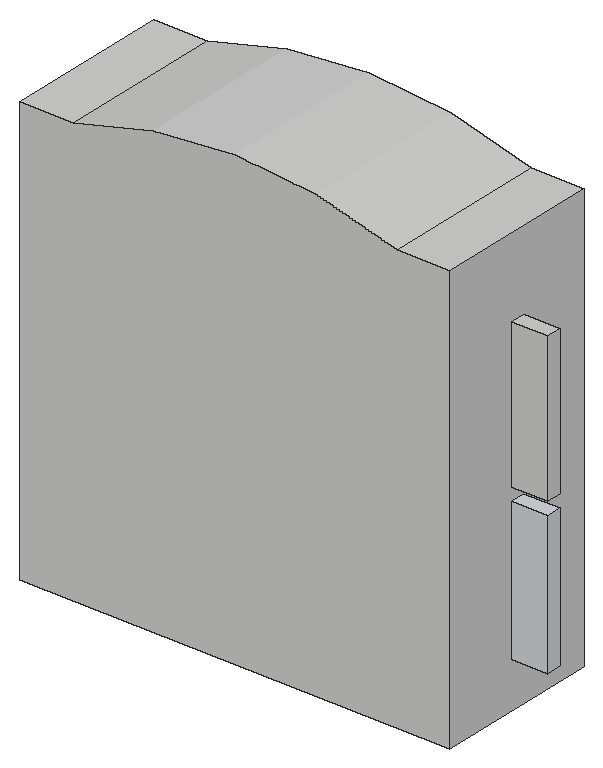
Revit family "PV Oberteil - Blitz -und Überspannungsableiter Typ 1+2_Typ 2", category Generic Models, Revit 2015
Parameters (values of type "V20-C 0-500PV")
  Width = 45.2 mm
  URL = "http://www.obo-bettermann.com"
  Material 2 = Steel
  Material = OBO PA 6 GF20 RAL 7035
  Manufacturer Art.No. = "5099708"
  Manufacturer = "OBO Bettermann"
  Length = 17.6 mm
  Height = 48 mm
  GTIN = "4012195708933"
  Article Type = "V20-C 0-500PV"
Types (5, lengths in mm): name | Material | Manufacturer Art.No. | GTIN | Article Type
  (no name) | OBO PA 6 GF20 RAL 7035 | "5099708" | "4012195708933" | "V20-C 0-500PV"
  V50-B+C 0-300PV | OBO PA 6 GF20 RAL 2003 | "5093726" | "4012195708841" | "V50-B+C 0-300PV"
  V25-B+C 0-450PV | OBO PA 6 GF20 RAL 2003 | "5097065" | "4012195708896" | "V25-B+C 0-450PV"
  V20-C 0-300PV | OBO PA 6 GF20 RAL 7035 | "5099611" | "4012195708902" | "V20-C 0-300PV"
  V20-C 0-500PV | OBO PA 6 GF20 RAL 7035 | "5099708" | "4012195708933" | "V20-C 0-500PV"
Reference planes
  plane 1 "Center (Front/Back)": y = 0
  plane 2: z = 0
  plane 3 "Center (Left/Right)": x = 0
  plane 4: z = 45
  plane 5: z = 48
  plane 6: y = 8.8
  plane 7: y = -8.8
  plane 8: x = 26.5
  plane 9: x = -26.5
Forms (mm)
  Extrusion 1, solid, material "OBO PA 6 GF20 RAL 7035" <- "Material"
    sketch origin (0, 0, 0) x (1, 0, 0) y (0, 0, 1)
      loop
        line (-22.6, 0) -> (22.6, 0) -> (22.6, 45) -> (17.075, 45)
        arc (17.075, 45) -> (0, 48) -> (-17.075, 45) r 50.093
        line (-17.075, 45) -> (-22.6, 45) -> (-22.6, 0)
    from -8.8 to 8.8
  Extrusion 2, solid, material "OBO PA 6 GF20 RAL 7035" <- "Material"
    sketch origin (0, 0, 0) x (0, 1, 0) y (0, 0, 1)
      loop
        line (0.8, 36.7) -> (-0.8, 36.7) -> (-0.8, 21.15) -> (0.8, 21.15) -> (0.8, 36.7)
    from 22.6 to 26.5
  Extrusion 3, solid
    sketch origin (0, 0, 0) x (0, 1, 0) y (0, 0, 1)
      loop
        line (0.8, 19.8) -> (-0.8, 19.8) -> (-0.8, 4.9) -> (0.8, 4.9) -> (0.8, 19.8)
    from 22.6 to 26.5
  Extrusion 4, solid, material "OBO PA 6 GF20 RAL 7035" <- "Material"
    sketch origin (0, 0, 0) x (0, 1, 0) y (0, 0, 1)
      loop
        line (0.8, 36.7) -> (-0.8, 36.7) -> (-0.8, 21.15) -> (0.8, 21.15) -> (0.8, 36.7)
    from -26.5 to -22.6
  Extrusion 5, solid
    sketch origin (0, 0, 0) x (0, 1, 0) y (0, 0, 1)
      loop
        line (0.8, 19.8) -> (-0.8, 19.8) -> (-0.8, 4.9) -> (0.8, 4.9) -> (0.8, 19.8)
    from -26.5 to -22.6
Dimensions and locks
  "Width": Extrusion 1 sketch curve to Extrusion 1 sketch curve
  equal spacing: Extrusion 1 sketch curve, plane 3 "Center (Left/Right)", Extrusion 1 sketch curve
  "Height": plane 5 to level
  locked: plane 5 to plane 4 at 3
  locked: Extrusion 1 sketch curve to Extrusion 1 sketch curve at 34.15
  equal spacing: Extrusion 1 sketch curve, plane 3 "Center (Left/Right)", Extrusion 1 sketch curve, locked at 17.075 each
  locked: plane 1 "Center (Front/Back)" to plane 7 at 8.8
  "Length": plane 6 to plane 7
  locked: Extrusion 2 sketch curve to Extrusion 2 sketch curve at 1.6
  equal spacing: Extrusion 2 sketch curve, plane 1 "Center (Front/Back)", Extrusion 2 sketch curve, locked at 0.8 each
  locked: Extrusion 2 sketch curve to Extrusion 2 sketch curve at 15.55
  locked: Extrusion 2 sketch curve to level at 21.15
  locked: plane 3 "Center (Left/Right)" to plane 8 at 26.5
  locked: plane 9 to plane 3 "Center (Left/Right)" at 26.5
  locked: Extrusion 3 sketch curve to Extrusion 3 sketch curve at 1.6
  equal spacing: Extrusion 3 sketch curve, plane 1 "Center (Front/Back)", Extrusion 3 sketch curve, locked at 0.8 each
  locked: Extrusion 3 sketch curve to Extrusion 3 sketch curve at 14.9
  locked: Extrusion 1 to Extrusion 3 sketch curve at 4.9
  radius of Extrusion 1 sketch curve = 50.093 mm
  aligned and locked: level to plane 2
  aligned and locked: Extrusion 1 sketch curve to Extrusion 1 sketch curve
  aligned and locked: plane 4 to Extrusion 1 sketch curve
  aligned and locked: plane 6 to Extrusion 1
  aligned and locked: Extrusion 1 to plane 7
  aligned and locked: Extrusion 2 to Extrusion 1
  aligned and locked: plane 8 to Extrusion 2
  aligned and locked: Extrusion 3 to Extrusion 1
  aligned and locked: Extrusion 3 to Extrusion 2
  aligned and locked: Extrusion 4 sketch curve to Extrusion 2  (x4)
  aligned and locked: Extrusion 4 to plane 9
  aligned and locked: Extrusion 4 to Extrusion 1
  aligned and locked: Extrusion 5 sketch curve to Extrusion 3  (x4)
  aligned and locked: Extrusion 5 to plane 9
  aligned and locked: Extrusion 5 to Extrusion 1
Automatic sketch dimensions
  Extrusion 1 sketch curve to level = 0 mm
